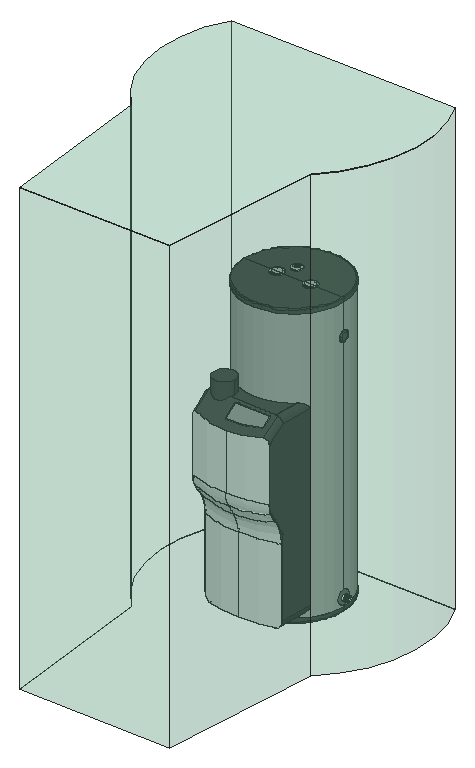
Revit family "Innovo  BENL_IR 12 200 BENL LP", category Mechanical Equipment, Revit 2015
Parameters (values of type "IR-12-200 BENL LP")
  Werkruimte Radius = Diameter + 170 mm  # 780 mm
  Werkruimte Hoogte = Hoogte + 1000 mm  # 2745 mm
  Werkruimte Afstand Voor = 1000 mm
  Werkruimte [instance] = yes
  Voorzorgsmaatregelen tijdens montage, installatie of onderhoud = "zie Gebruikers, Installatie, Service en Onderhouds handleiding"  # constant formula
  Voltage = 230 V  # constant formula
  Verpakkingslengte = 946 mm  # constant formula
  Verpakkingshoogte = 1895 mm
  Verpakkingsbreedte = 786 mm  # constant formula
  Uitsluitend werkend in daluren = no
  Uitschakeldruk LDS < = "210"
  Type aanduiding = "IR-24-285"
  Transportgewicht = 153 kg
  Totaal Gewicht = 438 kg
  Stilstandsverlies - dagelijks (24u) = 0 W
  Stilstandsverlies = 0 W
  Standaard Afgesteld op = "G20/G25"
  Stand Regelthermostaat = 65 °C  # constant formula
  Soort Verpakking = "Karton en Hout"  # constant formula
  Slimme controlefunctie = no
  Setpoint thermostaat = 65 °C  # constant formula
  Seizoens Rendement (Hs) = [Rendement (Hs, vlgs. NEN-EN 89 - 1999)]  # 97
  Rendement (Hs, vlgs. NEN-EN 89 - 1999) = 97
  Rendement (Hi, vlgs. NEN-EN 89 - 1999) = 108
  Produktspecificaties Link = ""
  Produkthandleiding Link = ""
  Produkt Model Nummer (EAN-nummer) = "8717449286194"
  Onderhoudsinterval = "12 maanden"  # constant formula
  Nominale Belasting (Onderwaarde) = "22000.0/18300.0"
  Nominale Belasting (Bovenwaarde) = "24400.0/19600.0"
  Nominaal Vermogen = "23800.0/19800.0"
  NOx-uitstoot mg/kWh = "33.0/25.0"
  NOx-uitstoot (lucht vrij, 0% O2) ppm = "21.0/15.0"
  Min. Stand Regelthermostaat = 40 °C  # constant formula
  Max. Werkdruk = 800000.0 Pa
  Max. Stand Regelthermostaat = 85 °C  # constant formula
  Max. Rookgastemperatuur = 57 °C
  Ledig Gewicht = 136 kg
  Kraan Hoogte 02 = if(and(Hoogte = 1745 mm, Diameter = 675 mm), 1518 mm, if(and(Hoogte = 1745 mm, Diameter = 610 mm), 1534 mm, if(Hoogte = 1545 mm, 1328 mm, 1070 mm)))  # 1534 mm
  Kraan Hoogte 01 = if(and(Diameter > 560 mm), 693 mm, 604 mm)  # 693 mm
  URL = "www.aosmith.be"
  Tapcapaciteit bij ΔT = 70°C  na 90 min. = 630.0 L
  Tapcapaciteit bij ΔT = 70°C  na 60 min. = 490.0 L
  Tapcapaciteit bij ΔT = 70°C  na 30 min. = 340.0 L
  Tapcapaciteit bij ΔT = 70°C  na 120 min. = 780.0 L
  Tapcapaciteit bij ΔT = 55°C  na 90 min. = 830.0 L
  Tapcapaciteit bij ΔT = 55°C  na 60 min. = 650.0 L
  Tapcapaciteit bij ΔT = 55°C  na 30 min. = 460.0 L
  Tapcapaciteit bij ΔT = 55°C  na 120 min. = 1100.0 L
  Tapcapaciteit bij ΔT = 50°C  na 90 min. = 920.0 L
  Tapcapaciteit bij ΔT = 50°C  na 60 min. = 720.0 L
  Tapcapaciteit bij ΔT = 50°C  na 30 min. = 510.0 L
  Tapcapaciteit bij ΔT = 50°C na 120 min. = 1200.0 L
  Tapcapaciteit bij ΔT = 44°C na 120 min. = 1100.0 L
  Tapcapaciteit bij ΔT = 44°C  na 90 min. = 820.0 L
  Tapcapaciteit bij ΔT = 44°C  na 60 min. = 590.0 L
  Tapcapaciteit bij ΔT = 44°C  na 30 min. = 1300.0 L
  Tapcapaciteit bij ΔT = 28°C na 90 min. = 1700.0 L
  Tapcapaciteit bij ΔT = 28°C na 60 min. = 1400.0 L
  Tapcapaciteit bij ΔT = 28°C na 30 min. = 960.0 L
  Tapcapaciteit bij ΔT = 28°C na 120 min. = 2100.0 L
  Tapcapaciteit Continu bij ΔT = 70°C = 290.0 L/s
  Tapcapaciteit Continu bij ΔT = 55°C = 370.0 L/s
  Tapcapaciteit Continu bij ΔT = 50°C = 410.0 L/s
  Tapcapaciteit Continu bij ΔT = 44°C = 460.0 L/s
  Tapcapaciteit Continu bij ΔT = 28°C = 740.0 L/s
  Opwarmtijd bij ΔT = 70°C = "49"
  Opwarmtijd bij ΔT = 55°C = "39"
  Opwarmtijd bij ΔT = 50°C = "35"
  Opwarmtijd bij ΔT = 44°C = "31"
  Opwarmtijd bij ΔT = 28°C = "20"
  Model = "IR-24-285 BENL NAT"
  Manufacturer = "A.O. Smith Water Products Company b.v."  # constant formula
  Length = 780 mm  # constant formula
  Jaarlijks elektriciteitsverbruik (2) = "-"
  Jaarlijks elektriciteitsverbruik (1) = "45 kWh"
  Jaarlijks brandstofverbruik (2) = "-"
  Jaarlijks brandstofverbruik (1) = "21 GJ GCV"
  Isolatiedikte = 44 mm
  Installatie Typen = "B23/C13/C33/C43/C53/C63"  # constant formula
  Inhoud = 285.0 L
  Hoogte Warm Water Uitlaat = 1745 mm
  Hoogte Rookgasafvoer = 1350 mm
  Hoogte Lucht Inlaat = 1350 mm
  Hoogte Koud Water Inlaat = 170 mm
  Hoogte Gas Aansluiting = 905 mm
  Hoogte = 1745 mm
  Handelsmerk = "A.O. Smith"  # constant formula
  Geluidsniveau dB (A) = "<45"  # constant formula
  Geluidsniveau binnen = "53 dB"
  Gasverbruik - Volume ltr/hr = "2.30/2.30"
  Gasverbruik - Massa kg/h = "n.v.t."
  Gascategorie = "I2E(S)B"  # constant formula
  Gas Voordruk = "2000/2500 Pa"
  Gas Aansluiting = 15"  # constant formula
  Garrantie op Tank = "36 maanden"  # constant formula
  Garrantie op Onderdelen = "12 maanden"  # constant formula
  Frequentie = 50 Hz  # constant formula
  Fase = 1
  Fabrikantnummer = "E 7110"  # constant formula
  Energie-efficiëntieklasse voor waterverwarming (2) = "-"
  Energie-efficiëntieklasse voor waterverwarming (1) = "A"  # constant formula
  Energie-efficiëntie voor waterverwarming (2) = "-"
  Energie-efficiëntie voor waterverwarming (1) = "91%"
  Elektrisch Vermogen (piek) = 105 W
  Elektrisch Vermogen (nominaal) = 51 W
  Diameter Schoorsteen - parallel systeem = "2x80"  # constant formula
  Diameter Schoorsteen - concentrisch systeem = "80/125 mm/mm"  # constant formula
  Diameter Schoorsteen - boiler = "80/125 mm/mm"  # constant formula
  Diameter = 610 mm
  Description = "Condenserende Hoog Rendementsboiler"  # constant formula
  Created By = "http://www.cadcompany.nl/"
  Capaciteitsprofiel = "XXL"
  CO2-uitstoot (tol. +/- 1.0) vol% = "9.3/7.5"
  CE-PIN = "0063CQ3037"  # constant formula
  Breedte = Diameter  # 610 mm
  Bestemming / Land = "BelgIë"  # constant formula
  BIM Content Developer = "CAD & Company"  # constant formula
  Assembly Code = "D3010"
  Ander capaciteitsprofiel = "-"
  Aansluiting Warm Water = 1"
  Aansluiting T&P = 1"
  Aansluiting Koud Water = 3/4"  # constant formula
  Aansluiting Condensafvoer = 40 mm  # constant formula
  Aansluiting Aftapkraan = 3/4"  # constant formula
  2e Onderhoud (algeheel onderhoud) = "12 maanden na installatie"  # constant formula
  1e Onderhoud (check-up) = "3 maanden na installatie"  # constant formula
Reference planes
  plane 1 "Center (Front/Back)": y = 0
  plane 2: z = 0
  plane 3 "Center (Left/Right)": x = 0
  plane 4 "Pipe": through (-383.901, 912.349, 194.799) normal (-0.0879, -0.0879, 0.9923)
  plane 5 "footing": y = 118.925
  plane 6 "footing front": y = -237.85
  plane 7: x = -305
  plane 8: x = 305
  plane 9: z = 1745
Forms (mm)
  Revolve 1, solid, material "RAL 9005", detail levels medium+fine
    sketch origin (0, -237.85, 0) x (-1, 0, 0) y (0, 0, 1)
      loop
        line (0, 28.9) -> (-15, 28.9) -> (-15, 26.4) -> (-8.671, 26.4) -> (-8.671, 18) -> (-5.686, 18) -> (-6.626, 17.06) -> (-6.626, 12.06) -> (-8.671, 12.06) -> (-8.671, 10) -> (-10.031, 10) -> (-23.271, 5.181)
        arc (-23.271, 5.181) -> (-23.763, 4.836) -> (-24.017, 4.293) r 1.159
        line (-24.017, 4.293) -> (-24.017, 1.03)
        arc (-24.017, 1.03) -> (-23.715, 0.302) -> (-22.986, 0) r 1.03
        line (-22.986, 0) -> (0, 0) -> (0, 28.9)
      axis (0, 28.9) -> (0, 0)
    angle from 0 to 360
  Revolve 2, solid, material "RAL 9005", detail levels medium+fine
    sketch origin (0, 118.925, 0) x (-1, 0, 0) y (0, 0, 1)
      loop
        line (-205.984, 28.9) -> (-220.984, 28.9) -> (-220.984, 26.4) -> (-214.655, 26.4) -> (-214.655, 18) -> (-211.67, 18) -> (-212.61, 17.06) -> (-212.61, 12.06) -> (-214.655, 12.06) -> (-214.655, 10) -> (-216.015, 10) -> (-229.256, 5.181)
        arc (-229.256, 5.181) -> (-229.747, 4.836) -> (-230.001, 4.293) r 1.159
        line (-230.001, 4.293) -> (-230.001, 1.03)
        arc (-230.001, 1.03) -> (-229.699, 0.302) -> (-228.971, 0) r 1.03
        line (-228.971, 0) -> (-205.984, 0) -> (-205.984, 28.9)
      axis (-205.984, 28.9) -> (-205.984, 0)
    angle from 0 to 360
  Revolve 3, solid, material "RAL 9005", detail levels medium+fine
    sketch origin (0, 118.925, 0) x (-1, 0, 0) y (0, 0, 1)
      loop
        line (204.016, 28.9) -> (189.016, 28.9) -> (189.016, 26.4) -> (195.345, 26.4) -> (195.345, 18) -> (198.33, 18) -> (197.39, 17.06) -> (197.39, 12.06) -> (195.345, 12.06) -> (195.345, 10) -> (193.985, 10) -> (180.744, 5.181)
        arc (180.744, 5.181) -> (180.253, 4.836) -> (179.999, 4.293) r 1.159
        line (179.999, 4.293) -> (179.999, 1.03)
        arc (179.999, 1.03) -> (180.301, 0.302) -> (181.029, 0) r 1.03
        line (181.029, 0) -> (204.016, 0) -> (204.016, 28.9)
      axis (204.016, 28.9) -> (204.016, 0)
    angle from 0 to 360
Lines and regions (mm)
  symbolic lines
    curve 1: line (0, 280.06, 0) -> (0, -280.06, 0)
    curve 2: line (-280.06, 0, 0) -> (280.06, 0, 0)
  symbolic lines, style "Workspace"
    curve 3: line (681.142, 380.06, 0) -> (-681.142, 380.06, 0)
    curve 4: arc (-681.142, 380.06, 0) -> (-777.325, -64.546, 0) -> (-609.127, -487.2, 0) r 780
    curve 5: line (-609.127, -487.2, 0) -> (-421.783, -1517.825, 0)
    curve 6: line (-421.783, -1517.825, 0) -> (424.03, -1517.825, 0)
    curve 7: line (424.03, -1517.825, 0) -> (611.027, -484.816, 0)
    curve 8: arc (611.027, -484.816, 0) -> (777.449, -63.027, 0) -> (681.142, 380.06, 0) r 780
Dimensions and locks
  plane 5 "footing" to plane 1 "Center (Front/Back)" = 118.925 mm
  plane 1 "Center (Front/Back)" to plane 6 "footing front" = 237.85 mm
  "Diameter": plane 7 to plane 8
  equal spacing: plane 7, plane 3 "Center (Left/Right)", plane 8
  "Hoogte": plane 9 to plane 2
  "Werkruimte Afstand Voor": curve 6 to nested 3
  "Werkruimte Radius": radius of curve 4
  "Werkruimte Radius": radius of curve 8
  aligned and locked: level to plane 2
  aligned and locked: nested 3 to Revolve 1 sketch curve
  aligned and locked: plane 3 "Center (Left/Right)" to Revolve 1 sketch curve
  aligned and locked: nested 3 to plane 1 "Center (Front/Back)"
  aligned and locked: plane 3 "Center (Left/Right)" to nested 3
  aligned and locked: nested 1 to plane 8
  aligned and locked: nested 5 to plane 8
  aligned and locked: nested 2 to plane 7
  aligned and locked: nested 4 to plane 7
  aligned and locked: nested 7 to plane 7
  aligned and locked: nested 8 to plane 3 "Center (Left/Right)"
  aligned and locked: nested 8 to nested 3
  aligned and locked: curve 3 to nested 8
Automatic sketch dimensions
  Revolve 1 sketch curve to level = 0 mm
  plane 3 "Center (Left/Right)" to Revolve 1 sketch curve = 5.686 mm
  Revolve 1 sketch curve to Revolve 1 sketch curve = 0.94 mm  (x2)
  Revolve 1 sketch curve to Revolve 1 sketch curve = 2.046 mm  (x2)
  Revolve 1 sketch curve to Revolve 1 sketch curve = 1.359 mm
  Revolve 1 sketch curve to Revolve 1 sketch curve = 6.329 mm
  level to Revolve 1 sketch curve = 4.091 mm
  Revolve 1 sketch curve to Revolve 1 sketch curve = 12.844 mm
  level to Revolve 1 sketch curve = 1.03 mm
  Revolve 1 sketch curve to Revolve 1 sketch curve = 0.111 mm
  level to Revolve 1 sketch curve = 5.181 mm
  Revolve 1 sketch curve to Revolve 1 sketch curve = 0.745 mm
  level to Revolve 1 sketch curve = 10 mm
  Revolve 1 sketch curve to Revolve 1 sketch curve = 2.06 mm
  Revolve 1 sketch curve to Revolve 1 sketch curve = 5 mm
  Revolve 1 sketch curve to Revolve 1 sketch curve = 8.4 mm
  Revolve 1 sketch curve to Revolve 1 sketch curve = 2.5 mm
  Revolve 1 sketch curve to level = 19.635 mm
  Revolve 1 sketch curve to Revolve 1 sketch curve = 46.465 mm
  Revolve 2 sketch curve to level = 0 mm
  level to Revolve 2 sketch curve = 1.03 mm
  Revolve 2 sketch curve to plane 8 = 74.999 mm
  level to Revolve 2 sketch curve = 5.181 mm
  Revolve 2 sketch curve to Revolve 2 sketch curve = 0.745 mm
  Revolve 2 sketch curve to Revolve 2 sketch curve = 0.397 mm
  Revolve 2 sketch curve to Revolve 2 sketch curve = 8.271 mm
  Revolve 2 sketch curve to Revolve 2 sketch curve = 13.241 mm
  Revolve 2 sketch curve to Revolve 2 sketch curve = 1.359 mm
  Revolve 2 sketch curve to Revolve 2 sketch curve = 6.329 mm
  Revolve 2 sketch curve to Revolve 2 sketch curve = 2.046 mm
  level to Revolve 2 sketch curve = 18 mm
  Revolve 2 sketch curve to Revolve 2 sketch curve = 0.94 mm  (x2)
  Revolve 2 sketch curve to Revolve 2 sketch curve = 8.671 mm
  Revolve 2 sketch curve to Revolve 2 sketch curve = 1.089 mm
  Revolve 2 sketch curve to Revolve 2 sketch curve = 8 mm
  Revolve 2 sketch curve to Revolve 2 sketch curve = 2.06 mm
  Revolve 2 sketch curve to Revolve 2 sketch curve = 8.4 mm
  Revolve 2 sketch curve to Revolve 2 sketch curve = 2.5 mm
  Revolve 2 sketch curve to Revolve 2 sketch curve = 0 mm
  Revolve 2 sketch curve to level = 19.635 mm
  Revolve 2 sketch curve to Revolve 2 sketch curve = 46.465 mm
  Revolve 3 sketch curve to level = 0 mm
  level to Revolve 3 sketch curve = 1.03 mm
  Revolve 3 sketch curve to plane 7 = 125.001 mm
  level to Revolve 3 sketch curve = 5.181 mm
  Revolve 3 sketch curve to Revolve 3 sketch curve = 0.745 mm
  Revolve 3 sketch curve to Revolve 3 sketch curve = 0.397 mm
  Revolve 3 sketch curve to Revolve 3 sketch curve = 8.271 mm
  Revolve 3 sketch curve to Revolve 3 sketch curve = 13.241 mm
  Revolve 3 sketch curve to Revolve 3 sketch curve = 1.359 mm
  Revolve 3 sketch curve to Revolve 3 sketch curve = 6.329 mm
  Revolve 3 sketch curve to Revolve 3 sketch curve = 2.046 mm
  level to Revolve 3 sketch curve = 18 mm
  Revolve 3 sketch curve to Revolve 3 sketch curve = 0.94 mm  (x2)
  Revolve 3 sketch curve to Revolve 3 sketch curve = 8.671 mm
  Revolve 3 sketch curve to Revolve 3 sketch curve = 1.089 mm
  Revolve 3 sketch curve to Revolve 3 sketch curve = 8 mm
  Revolve 3 sketch curve to Revolve 3 sketch curve = 2.06 mm
  Revolve 3 sketch curve to Revolve 3 sketch curve = 8.4 mm
  Revolve 3 sketch curve to Revolve 3 sketch curve = 2.5 mm
  Revolve 3 sketch curve to Revolve 3 sketch curve = 0 mm
  Revolve 3 sketch curve to level = 19.635 mm
  Revolve 3 sketch curve to Revolve 3 sketch curve = 46.465 mm
  curve 4 to curve 8 = 0 mm  (x2)
  plane 1 "Center (Front/Back)" to curve 2 = 0 mm
  curve 1 to plane 3 "Center (Left/Right)" = 0 mm
  plane 1 "Center (Front/Back)" to curve 4 = 0 mm
  curve 4 to plane 3 "Center (Left/Right)" = 0 mm
  curve 5 to plane 6 "footing front" = 249.35 mm
  plane 7 to curve 5 = 116.783 mm
  plane 8 to curve 7 = 119.03 mm
  curve 7 to plane 6 "footing front" = 246.966 mm
  curve 2 to plane 7 = 24.94 mm
  curve 2 to plane 8 = 24.94 mm
  curve 1 to plane 6 "footing front" = 42.21 mm
  plane 5 "footing" to curve 1 = 161.135 mm
Nested families
  nested 1: "Valve" at (305, -0.38, 1534) x (0, 1, 0) z (0, 0, 1), built-in parameter 1001364 <- "Kraan Hoogte 02", type "Valve"
  nested 2: "Drain Valve" at (-305, 0, 1534), built-in parameter 1001364 <- "Kraan Hoogte 02", type "Drain Valve"
  nested 3: "Housing Mother Housing S 57 (external)" at (0, -299.886, 0), type "Housing Mother_Housing S_57"
    with radius 305 mm, distance to boiler center 154 mm, diameter 610 mm
  nested 4: "Drain Valve" at (-305, 0, 177), type "Drain Valve"
  nested 5: "Drain Valve" at (305, 0, 107) x (-1, 0, 0) z (0, 0, 1), type "Drain Valve"
  nested 6: "Boiler" at (0, 0, 0), height <- "Hoogte", type "Boiler"
    with height 1745 mm, radius 305 mm, Diameter 610 mm
  nested 7: "Drain Valve" at (-305, 0, 693), built-in parameter 1001364 <- "Kraan Hoogte 01", type "Drain Valve"
  nested 8: "Innovo_workspace" at (0, 0, 0), Workspace <- "Werkruimte", Workspace Distance Front <- "Werkruimte Afstand Voor", Workspace Height <- "Werkruimte Hoogte", Workspace Radius <- "Werkruimte Radius", type "Workspace"
    with Workspace Radius 780 mm, Workspace Height 2745 mm, Workspace Distance Front 1000 mm, Workspace yes, Center to Front 517.825 mm
Connectors
  piping at (339.826, 0, 107), diameter 19.05, driven by "Aansluiting Aftapkraan"
    settings: on nested 5, index 1, connector inside diameter 24", connector length 0 mm, flow factor 0, pipe flow 0.0 L/s, pressure drop 0.0 Pa, fitting loss kfactor 0, connector angle 0.00°, fixture units 0, engagement length 0 mm, angle of deflection 0.00°, flow configuration 0, flow direction 0, fitting loss method 0, system type 19, joint type 0, gender type 0, connector reference index -1, connector utility 0, adjustable connector no, is connector primary yes, connector description ""
  hvac at (-147.013, -346.326, 1310.674)
    settings: on nested 3, index 2, duct flow 0.0 L/s, flow factor 0, pres drop 0.0 Pa, loss coef 0, conn angle 0.00°, conn width 304.8 mm, conn height 304.8 mm, conn diameter 125 mm, duct sys type 4, conn prof type 0, flow config 0, flow direction 0, loss method 0, conn ref index -1, conn util no, is conn primary yes, conn desc ""
Definition of nested family "Valve"
  Parameters (values of type "Valve")
    Type Comments = "T&P valve (internal)"
    Manufacturer = "A.O. Smith"
  Reference planes
    plane 1 "Center (Front/Back)": y = 0
    plane 2: z = 0
    plane 3 "Center (Left/Right)": x = 0
  Forms (mm)
    Extrusion 1, solid, detail levels fine
      sketch origin (0, 0, 0) x (1, 0, 0) y (0, 0, 1)
        loop
          circle (0, 0) r 31.5
      from -2.271 to 1.4
    Sweep 2, solid, detail levels fine
      path origin (0, -1.4, 0) x (1, 0, 0) y (0, 0, 1)
        loop
          circle (0, 0) r 31.5
      profile origin (0, -1.4, 31.5) x (0, 0, -1) y (0, -1, 0)
        loop
          line (7.3, 0) -> (7.3, 3) -> (0, 0) -> (7.3, 0)
  Dimensions and locks
    aligned and locked: level to plane 2
Definition of nested family "Drain Valve"
  Reference planes
    plane 1 "Center (Front/Back)": y = 0
    plane 2: z = 0
    plane 3 "Center (Left/Right)": x = 0
  Forms (mm)
    Revolve 1, solid, detail levels medium+fine
      sketch origin (0, 0, 0) x (1, 0, 0) y (0, 0, 1)
        loop
          line (-33.442, 15.696) -> (-34.826, 14.329) -> (-34.93, 12.731) -> (-16.555, 12.731) -> (-16.555, 0) -> (15.787, 0) -> (15.787, 18.3) -> (-14.4, 18.3) -> (-17.148, 15.533) -> (-18.729, 16.697) -> (-20.091, 15.333) -> (-21.672, 16.496) -> (-23.034, 15.133) -> (-24.614, 16.296) -> (-25.976, 14.932) -> (-27.557, 16.096) -> (-28.919, 14.732) -> (-30.5, 15.896) -> (-31.862, 14.532) -> (-33.442, 15.696)
        axis (-34.93, 0) -> (15.787, 0)
      angle from 0 to 360
  Dimensions and locks
    aligned and locked: level to plane 2
  Nested families
    nested 1: "Rubber sealing" at (2.592, -0.155, 0) x (0.0023, -1, 0) z (0, 0, 1), type "Rubber sealing", detail levels fine
  Definition of nested family "Rubber sealing"
    Reference planes
      plane 1 "Center (Front/Back)": y = 0
      plane 2: z = 0
      plane 3 "Center (Left/Right)": x = 0
    Forms (mm)
      Extrusion 1, solid, detail levels fine
        sketch origin (141.861, 319.581, 0) x (1, 0, 0) y (0, 1, 0)
          loop
            line (-216.354, -311.898) -> (-216.354, -313.94)
            arc (-216.354, -313.94) -> (-141.602, -321.581) -> (-66.861, -313.835) r 366.966
            line (-66.861, -313.835) -> (-66.861, -311.791)
            arc (-66.861, -311.791) -> (-141.602, -319.581) -> (-216.354, -311.898) r 364.966
        from -80 to 80
      Extrusion 2, void
        sketch origin (141.861, 319.581, 0) x (1, 0, 0) y (0, 0, 1)
          loop
            circle (-141.861, 0) r 13
          loop
            circle (-141.861, 0) r 110
          loop
            circle (-141.861, 0) r 40
        from 311.563 to 332.684
      Extrusion 3, void
        sketch origin (141.861, 319.581, 0) x (1, 0, 0) y (0, 0, 1)
          loop
            circle (-141.861, 0) r 18.25
        from 315.524 to 326.084
    Cuts and joins
      Extrusion 2, Extrusion 3 cuts Extrusion 1
    Dimensions and locks
      aligned and locked: level to plane 2
Definition of nested family "Housing Mother Housing S 57 (external)"
  Parameters (values of type "Housing Mother_Housing S_57")
    radius [instance] = 280 mm
    distance to boiler center = if(diameter = 675 mm, 189 mm, if(diameter = 610 mm, 154 mm, 129 mm))  # 129 mm
    diameter = 560 mm
  Reference planes
    plane 1 "Center (Front/Back)": y = 0
    plane 2: z = 0
    plane 3 "Center (Left/Right)": x = 0
    plane 4 "left": through (-245.286, 145.886, 1200) normal (0.9994, 0.0349, 0)
    plane 5: y = -217.939
    plane 6: y = 145.886
    plane 7: z = 1232.6
    plane 8: z = 65.89
    plane 9 "right": through (245.286, 145.886, 1200) normal (0.9994, -0.0349, 0)
    plane 10 "display": through (0, -90.37, 1221.196) normal (0, -0.5736, 0.8192)
    plane 11 "Potentiostat": z = 867.899
    plane 12 "boiler center": y = 274.886
    plane 13: x = -280
    plane 14: x = 280
  Forms (mm)
    Extrusion 1, solid
      sketch origin (0, 0, 0) x (1, 0, 0) y (0, 1, 0)
        loop
          line (-245.286, 145.886) -> (-232.581, -217.939) -> (232.581, -217.939) -> (245.286, 145.886)
          arc (245.286, 145.886) -> (0, 0.923) -> (-245.286, 145.886) r 280
      from 0 to 1232.6
    Sweep 2, void
      path origin (0, 0, 0) x (0, 1, 0) y (0, 0, 1)
        loop
          line (-217.939, 1232.6) -> (-217.939, 795.555)
          arc (-217.939, 795.555) -> (-212.387, 754.285) -> (-197.694, 715.322) r 183.924
          arc (-197.694, 715.322) -> (-179.915, 684.628) -> (-159.106, 655.901) r 348.284
          arc (-159.106, 655.901) -> (-131.411, 600.328) -> (-121.88, 538.973) r 202.254
          line (-121.88, 538.973) -> (-121.88, 61.106)
      profile origin (0, -217.939, 1014.077) x (1, 0, 0) y (0, 1, 0)
        loop
          arc (0, 0) -> (-117.533, 9.941) -> (-231.728, 39.475) r 699.984
          arc (-231.728, 39.475) -> (-233.391, 40.705) -> (-234.07, 42.659) r 3.505
          line (-234.07, 42.659) -> (-254.062, 42.659) -> (-254.062, -142.593) -> (254.07, -142.593) -> (254.07, 42.659) -> (234.07, 42.659)
          arc (234.07, 42.659) -> (233.391, 40.705) -> (231.728, 39.475) r 3.505
          arc (231.728, 39.475) -> (117.533, 9.941) -> (0, 0) r 699.984
    Extrusion 3, void
      sketch origin (0, 0, 0) x (0, 1, 0) y (0, 0, 1)
        loop
          arc (102.864, 70.869) -> (99.804, 70.709) -> (96.874, 69.813) r 12.57
          arc (96.874, 69.813) -> (87.878, 66.533) -> (78.516, 64.529) r 69.114
          arc (78.516, 64.529) -> (76.41, 64.284) -> (74.294, 64.148) r 41.206
          arc (74.294, 64.148) -> (65.203, 64.335) -> (56.122, 64.782) r 318.661
          arc (56.122, 64.782) -> (30.585, 66.179) -> (5.028, 67.128) r 1456.581
          line (5.028, 67.128) -> (-84.534, 73.135)
          arc (-84.534, 73.135) -> (-86.363, 73.808) -> (-87.536, 75.365) r 3.455
          line (-87.536, 75.365) -> (-264.473, 75.365) -> (-264.473, 0) -> (160.886, 0) -> (160.886, 103.945) -> (145.886, 103.945)
          arc (145.886, 103.945) -> (145.104, 97.827) -> (142.923, 92.059) r 26.364
          arc (142.923, 92.059) -> (141.067, 88.936) -> (138.867, 86.045) r 31.715
          arc (138.867, 86.045) -> (135.576, 82.49) -> (132.021, 79.2) r 62.615
          arc (132.021, 79.2) -> (125.841, 74.697) -> (119.091, 71.103) r 54.444
          arc (119.091, 71.103) -> (116.371, 70.272) -> (113.531, 70.123) r 11.669
          line (113.531, 70.123) -> (102.864, 70.869)
      from -254.062 to 254.07
    Sweep 4, void
      path origin (0, 0, 0) x (1, 0, 0) y (0, 1, 0)
        loop
          line (-245.286, 145.886) -> (-232.581, -217.939)
      profile origin (-238.933, -36.027, 0) x (0.999391, 0.034899, 0) y (0, 0, 1)
        loop
          line (-4.454, 0) -> (47.084, 0) -> (47.084, 73.431)
          arc (47.084, 73.431) -> (14.222, 85.134) -> (0.255, 117.1) r 43.922
          line (0.255, 117.1) -> (-4.454, 117.1) -> (-4.454, 0)
    Sweep 5, void
      path origin (0, 0, 0) x (-1, 0, 0) y (0, 1, 0)
        loop
          line (-245.286, 145.886) -> (-232.581, -217.939)
      profile origin (238.933, -36.027, 0) x (0.999391, -0.034899, 0) y (0, 0, 1)
        loop
          line (4.454, 0) -> (4.454, 117.1) -> (-0.255, 117.1)
          arc (-0.255, 117.1) -> (-14.222, 85.134) -> (-47.084, 73.431) r 43.922
          line (-47.084, 73.431) -> (-47.084, 0) -> (4.454, 0)
    Sweep 6, void
      path origin (-239.899, -8.377, 0) x (-0.034899, 0.999391, 0) y (0, 0, 1)
        loop
          line (-209.69, 1141.272) -> (-79.18, 1232.6) -> (154.358, 1232.6)
      profile origin (-241.211, 29.188, 1232.6) x (0, 0, 1) y (0.999391, 0.034899, 0)
        loop
          line (-45, -30) -> (75, -30) -> (75, 0) -> (75, 55) -> (2.799, 55) -> (-1.253, 35.128)
          arc (-1.253, 35.128) -> (-16.771, 9.564) -> (-45, -0.308) r 44.287
          line (-45, -0.308) -> (-45, -30)
    Sweep 7, void
      path origin (239.899, -8.377, 0) x (0.034899, 0.999391, 0) y (0, 0, 1)
        loop
          line (-209.69, 1141.272) -> (-79.18, 1232.6) -> (154.358, 1232.6)
      profile origin (241.211, 29.188, 1232.6) x (0, 0, -1) y (-0.999391, 0.034899, 0)
        loop
          line (-75, -25) -> (45, -25) -> (45, -0.308)
          arc (45, -0.308) -> (16.771, 9.564) -> (1.253, 35.128) r 44.287
          line (1.253, 35.128) -> (-2.799, 55) -> (-75, 55) -> (-75, -25)
    Extrusion 8, void
      sketch origin (0, 0, 0) x (0, 1, 0) y (0, 0, 1)
        loop
          line (-270, 1336.099) -> (-270, 1099.081) -> (68.497, 1336.099) -> (-270, 1336.099)
      from -425.038 to 444.42
    Extrusion 9, solid, detail levels medium+fine
      sketch origin (0, 0, 0) x (1, 0, 0) y (0, 1, 0)
        loop
          circle (-147.013, -46.44) r 65
      from 1163.174 to 1310.674
    Extrusion 10, void
      sketch origin (0, -603.506, 861.895) x (0, 0.819152, 0.573576) y (-1, 0, 0)
        loop
          arc (618.322, -173) -> (623.272, -170.95) -> (625.322, -166) r 7
          line (625.322, -166) -> (625.322, 35)
          arc (625.322, 35) -> (623.272, 39.95) -> (618.322, 42) r 7
          line (618.322, 42) -> (535.473, 42)
          arc (535.473, 42) -> (530.688, 40.11) -> (528.488, 35.46) r 7
          arc (528.488, 35.46) -> (531.569, -67.592) -> (554.18, -168.18) r 540
          arc (554.18, -168.18) -> (556.724, -171.668) -> (560.831, -173) r 7
          line (560.831, -173) -> (618.322, -173)
      from 0 to 137.286
    Sweep 11, solid, detail levels fine
      path origin (0, 0, 867.899) x (-1, 0, 0) y (0, -1, 0)
        loop
          line (309.749, -35.617) -> (204.371, -35.617)
          arc (204.371, -35.617) -> (196.509, -34.687) -> (189.082, -31.947) r 33.677
          line (189.082, -31.947) -> (-9.574, 69.274)
      profile origin (-257.06, 35.617, 867.899) x (0, 1, 0) y (0, 0, 1)
        loop
          circle (0, 0) r 7.316
        loop
          circle (0, 0) r 6.465
    Revolve 12, void
      sketch origin (0, 274.886, 0) x (-1, 0, 0) y (0, 0, 1)
        loop
          line (280, 1243.838) -> (0, 1243.838) -> (0, 54.9) -> (280, 54.9) -> (280, 1243.838)
        axis (0, 1243.838) -> (0, 54.9)
      angle from 0 to 360
  Cuts and joins
    Sweep 2, Extrusion 3, Sweep 4, Sweep 5, Sweep 6, Sweep 7, Extrusion 8, Extrusion 10, Revolve 12 cuts Extrusion 1
  Dimensions and locks
    plane 8 to plane 2 = 65.89 mm
    plane 7 to plane 8 = 1166.71 mm
    "distance to boiler center": plane 12 "boiler center" to plane 6
    "diameter": plane 14 to plane 13
    equal spacing: plane 14, plane 3 "Center (Left/Right)", plane 13
    "radius": plane 3 "Center (Left/Right)" to plane 13
    aligned and locked: level to plane 2
    aligned and locked: Extrusion 1 to plane 7
    aligned and locked: Extrusion 1 sketch curve to plane 5
    aligned and locked: Sweep 2 to Extrusion 3
    aligned and locked: Extrusion 3 to Sweep 2  (x2)
    aligned and locked: plane 7 to Sweep 2 sketch curve
    aligned and locked: plane 3 "Center (Left/Right)" to Revolve 12 sketch curve
    aligned and locked: Revolve 12 sketch curve to plane 3 "Center (Left/Right)"
    aligned and locked: plane 13 to Revolve 12 sketch curve
  Automatic sketch dimensions
    Extrusion 1 sketch curve to plane 4 "left" = 0 mm  (x2)
    Extrusion 1 sketch curve to plane 6 = 0 mm  (x2)
    Extrusion 1 sketch curve to plane 3 "Center (Left/Right)" = 0 mm
    Extrusion 1 sketch curve to plane 9 "right" = 0 mm
    plane 6 to Extrusion 1 sketch curve = 135.037 mm
    Sweep 2 sketch curve to plane 5 = 0 mm
    plane 5 to Sweep 2 sketch curve = 106.195 mm
    Sweep 2 sketch curve to plane 5 = 96.059 mm
    plane 1 "Center (Front/Back)" to Sweep 2 sketch curve = 34.053 mm
    plane 11 "Potentiostat" to Sweep 2 sketch curve = 6.417 mm
    Sweep 2 sketch curve to plane 6 = 33.705 mm
    Sweep 2 sketch curve to plane 11 "Potentiostat" = 68.615 mm
    Sweep 2 sketch curve to plane 11 "Potentiostat" = 72.345 mm
    Sweep 2 sketch curve to Sweep 2 sketch curve = 176.349 mm
    Sweep 2 sketch curve to Sweep 2 sketch curve = 0 mm  (x2)
    plane 8 to Sweep 2 sketch curve = 4.784 mm
    Extrusion 3 sketch curve to level = 0 mm
    Extrusion 3 sketch curve to plane 6 = 0 mm
    Extrusion 3 sketch curve to plane 6 = 26.363 mm
    Extrusion 3 sketch curve to Extrusion 3 sketch curve = 4.75 mm
    Extrusion 3 sketch curve to Extrusion 3 sketch curve = 5.179 mm
    Extrusion 3 sketch curve to plane 8 = 4.232 mm
    Extrusion 3 sketch curve to Extrusion 3 sketch curve = 0.814 mm
    Extrusion 3 sketch curve to plane 8 = 4.978 mm
    Extrusion 3 sketch curve to Extrusion 3 sketch curve = 10.667 mm
    Extrusion 3 sketch curve to Extrusion 3 sketch curve = 0.877 mm
    Extrusion 3 sketch curve to Extrusion 3 sketch curve = 17.827 mm
    Extrusion 3 sketch curve to Extrusion 3 sketch curve = 5.646 mm
    Extrusion 3 sketch curve to plane 6 = 69.562 mm
    Extrusion 3 sketch curve to Extrusion 3 sketch curve = 18.6 mm
    Extrusion 3 sketch curve to Extrusion 3 sketch curve = 22.538 mm
    Extrusion 3 sketch curve to plane 8 = 1.238 mm
    Extrusion 3 sketch curve to plane 1 "Center (Front/Back)" = 5.028 mm
    plane 1 "Center (Front/Back)" to Extrusion 3 sketch curve = 36.224 mm
    Extrusion 3 sketch curve to plane 8 = 10.692 mm
    plane 1 "Center (Front/Back)" to Extrusion 3 sketch curve = 84.302 mm
    Extrusion 3 sketch curve to plane 8 = 7.244 mm
    Extrusion 3 sketch curve to Extrusion 3 sketch curve = 0.231 mm
    Extrusion 3 sketch curve to Extrusion 3 sketch curve = 3.234 mm
    plane 5 to Extrusion 3 sketch curve = 46.534 mm
    plane 6 to Extrusion 3 sketch curve = 15 mm
    Extrusion 3 sketch curve to level = 1388.869 mm
    plane 8 to Extrusion 3 sketch curve = 7.561 mm
    Extrusion 3 sketch curve to Extrusion 3 sketch curve = 11.64 mm
    Extrusion 3 sketch curve to plane 8 = 38.054 mm
    Extrusion 3 sketch curve to Extrusion 3 sketch curve = 22.442 mm
    Extrusion 3 sketch curve to plane 8 = 39.432 mm
    Extrusion 3 sketch curve to Extrusion 3 sketch curve = 2.466 mm
    Extrusion 3 sketch curve to Extrusion 3 sketch curve = 14.17 mm
    Extrusion 3 sketch curve to Extrusion 3 sketch curve = 5.925 mm
    Extrusion 3 sketch curve to Extrusion 3 sketch curve = 6.186 mm
    Extrusion 3 sketch curve to Extrusion 3 sketch curve = 249.85 mm
    Extrusion 3 sketch curve to Extrusion 3 sketch curve = 0 mm  (x4)
    Extrusion 3 sketch curve to Extrusion 3 sketch curve = 6.845 mm
    plane 8 to Extrusion 3 sketch curve = 1.743 mm
    Sweep 4 sketch curve to plane 4 "left" = 0 mm  (x2)
    Sweep 4 sketch curve to plane 6 = 0 mm
    plane 5 to Sweep 4 sketch curve = 0 mm
    Sweep 4 sketch curve to level = 0 mm
    profile plane to Sweep 4 sketch curve = 4.454 mm
    Sweep 4 sketch curve to profile plane = 0.255 mm
    Sweep 4 sketch curve to Sweep 4 sketch curve = 43.922 mm
    Sweep 4 sketch curve to profile plane = 47.084 mm
    level to Sweep 4 sketch curve = 73.431 mm
    Sweep 4 sketch curve to Sweep 4 sketch curve = 43.669 mm
    Sweep 5 sketch curve to plane 6 = 0 mm
    Sweep 5 sketch curve to plane 9 "right" = 0 mm  (x2)
    plane 5 to Sweep 5 sketch curve = 0 mm
    Sweep 5 sketch curve to level = 0 mm
    profile plane to Sweep 5 sketch curve = 47.084 mm
    Sweep 5 sketch curve to Sweep 5 sketch curve = 2.907 mm
    profile plane to Sweep 5 sketch curve = 0.255 mm
    Sweep 5 sketch curve to profile plane = 4.454 mm
    level to Sweep 5 sketch curve = 73.431 mm
    Sweep 5 sketch curve to Sweep 5 sketch curve = 43.669 mm
    Sweep 6 sketch curve to plane 7 = 0 mm
    plane 7 to Sweep 6 sketch curve = 91.328 mm
    Sweep 6 sketch curve to Sweep 6 sketch curve = 130.509 mm
    Sweep 6 sketch curve to Sweep 6 sketch curve = 233.538 mm
    Sweep 6 sketch curve to plane 4 "left" = 0 mm
    profile plane to Sweep 6 sketch curve = 45 mm
    Sweep 6 sketch curve to Sweep 6 sketch curve = 0.354 mm
    profile plane to Sweep 6 sketch curve = 1.253 mm
    Sweep 6 sketch curve to profile plane = 2.799 mm
    Sweep 6 sketch curve to Sweep 6 sketch curve = 72.201 mm
    Sweep 6 sketch curve to plane 4 "left" = 0.308 mm
    Sweep 6 sketch curve to Sweep 6 sketch curve = 29.692 mm
    plane 4 "left" to Sweep 6 sketch curve = 35.128 mm
    plane 4 "left" to Sweep 6 sketch curve = 55 mm
    Sweep 7 sketch curve to plane 7 = 0 mm
    Sweep 7 sketch curve to plane 7 = 91.328 mm
    Sweep 7 sketch curve to Sweep 7 sketch curve = 130.509 mm
    Sweep 7 sketch curve to Sweep 7 sketch curve = 233.538 mm
    Sweep 7 sketch curve to plane 9 "right" = 25 mm
    profile plane to Sweep 7 sketch curve = 75 mm
    profile plane to Sweep 7 sketch curve = 2.799 mm
    Sweep 7 sketch curve to profile plane = 1.253 mm
    Sweep 7 sketch curve to Sweep 7 sketch curve = 43.393 mm
    Sweep 7 sketch curve to profile plane = 45 mm
    Sweep 7 sketch curve to plane 9 "right" = 0.308 mm
    plane 9 "right" to Sweep 7 sketch curve = 35.128 mm
    Sweep 7 sketch curve to Sweep 7 sketch curve = 19.872 mm
    plane 5 to Extrusion 8 sketch curve = 52.061 mm
    Extrusion 8 sketch curve to plane 1 "Center (Front/Back)" = 68.497 mm
    plane 7 to Extrusion 8 sketch curve = 133.519 mm
    Extrusion 8 sketch curve to plane 7 = 103.499 mm
    plane 1 "Center (Front/Back)" to Extrusion 9 sketch curve = 46.44 mm
    Extrusion 9 sketch curve to plane 3 "Center (Left/Right)" = 147.013 mm
    Extrusion 10 sketch curve to plane 3 "Center (Left/Right)" = 0 mm
    Extrusion 10 sketch curve to plane 3 "Center (Left/Right)" = 35 mm
    Extrusion 10 sketch curve to Extrusion 10 sketch curve = 25.359 mm
    Extrusion 10 sketch curve to Extrusion 10 sketch curve = 57.491 mm
    Extrusion 10 sketch curve to plane 3 "Center (Left/Right)" = 42 mm
    Extrusion 10 sketch curve to Extrusion 10 sketch curve = 82.85 mm
    Extrusion 10 sketch curve to Extrusion 10 sketch curve = 7 mm
    Extrusion 10 sketch curve to Extrusion 10 sketch curve = 442 mm
    plane 3 "Center (Left/Right)" to Extrusion 10 sketch curve = 166 mm
    Extrusion 10 sketch curve to Extrusion 10 sketch curve = 0 mm  (x2)
    Sweep 11 sketch curve to plane 1 "Center (Front/Back)" = 31.947 mm
    Sweep 11 sketch curve to plane 3 "Center (Left/Right)" = 189.082 mm
    Sweep 11 sketch curve to plane 1 "Center (Front/Back)" = 1.94 mm
    Sweep 11 sketch curve to Sweep 11 sketch curve = 15.289 mm
    plane 3 "Center (Left/Right)" to Sweep 11 sketch curve = 9.574 mm
    Sweep 11 sketch curve to Sweep 11 sketch curve = 105.378 mm
    plane 1 "Center (Front/Back)" to Sweep 11 sketch curve = 69.274 mm
    Sweep 11 sketch curve to Sweep 11 sketch curve = 0 mm  (x2)
    Sweep 11 sketch curve to plane 11 "Potentiostat" = 0 mm
    Sweep 11 sketch curve to profile plane = 0 mm
    plane 8 to Revolve 12 sketch curve = 10.99 mm
    Revolve 12 sketch curve to plane 7 = 11.238 mm
    Revolve 12 sketch curve to level = 366.045 mm
    Revolve 12 sketch curve to Revolve 12 sketch curve = 971.917 mm
    Sweep 2 sketch curve to plane 3 "Center (Left/Right)" = 0 mm
    profile plane to Sweep 2 sketch curve = 0 mm
    Sweep 2 sketch curve to plane 3 "Center (Left/Right)" = 0.016 mm
    Sweep 2 sketch curve to profile plane = 42.782 mm  (x2)
    Sweep 2 sketch curve to plane 3 "Center (Left/Right)" = 230.568 mm
    plane 3 "Center (Left/Right)" to Sweep 2 sketch curve = 0.016 mm
    plane 3 "Center (Left/Right)" to Sweep 2 sketch curve = 230.568 mm
    Sweep 2 sketch curve to Sweep 2 sketch curve = 3.502 mm  (x2)
    Sweep 2 sketch curve to Sweep 2 sketch curve = 20 mm
    profile plane to Sweep 2 sketch curve = 142.593 mm
    Sweep 2 sketch curve to Sweep 2 sketch curve = 0.122 mm  (x2)
    Sweep 2 sketch curve to Sweep 2 sketch curve = 657.203 mm
    Sweep 2 sketch curve to Sweep 2 sketch curve = 19.991 mm
    radius of Extrusion 9 sketch curve = 65 mm
    radius of Sweep 11 sketch curve = 7.316 mm
    radius of Sweep 11 sketch curve = 6.465 mm
  Nested families
    nested 1: "display" at (65.5, -130.939, 1192.79) x (-1, 0, 0) z (0, -0.5736, 0.8192), type "display"
  Definition of nested family "display"
    Parameters (values of type "display")
      Default Elevation = 1219.2 mm
    Reference planes
      plane 1 "Center (Front/Back)": y = 0
      plane 2: z = 0
      plane 3 "Center (Left/Right)": x = 0
    Forms (mm)
      Extrusion 1, solid, detail levels medium+fine
        sketch origin (-16.958, 11.842, -343.878) x (1, 0, 0) y (0, 0, -1)
          loop
            line (-233.523, -343.878) -> (-233.523, -346.592) -> (332.686, -346.592) -> (332.686, -343.878) -> (-233.523, -343.878)
        from -228.7 to 150.822
      Extrusion 2, void
        sketch origin (-16.958, 6.842, -343.878) x (1, 0, 0) y (0, 1, 0)
          loop
            line (-233.523, 155.822) -> (-233.523, -223.7) -> (332.686, -223.7) -> (332.686, 155.822) -> (-233.523, 155.822)
          loop
            arc (-90.542, -48.267) -> (-88.492, -53.216) -> (-83.542, -55.267) r 7
            line (-83.542, -55.267) -> (117.458, -55.267)
            arc (117.458, -55.267) -> (122.408, -53.216) -> (124.458, -48.267) r 7
            line (124.458, -48.267) -> (124.458, 34.583)
            arc (124.458, 34.583) -> (122.568, 39.368) -> (117.918, 41.568) r 7
            arc (117.918, 41.568) -> (14.866, 38.487) -> (-85.722, 15.876) r 540
            arc (-85.722, 15.876) -> (-89.21, 13.332) -> (-90.542, 9.224) r 7
            line (-90.542, 9.224) -> (-90.542, -48.267)
        from 328.878 to 363.083
    Cuts and joins
      Extrusion 2 cuts Extrusion 1
    Dimensions and locks
      aligned and locked: level to plane 2
Definition of nested family "Boiler"
  Parameters (values of type "Boiler")
    radius [instance] = 280 mm
    height [instance] = 1270 mm
    Diameter = 560 mm
  Reference planes
    plane 1 "Center (Front/Back)": y = 0
    plane 2: z = 0
    plane 3 "Center (Left/Right)": x = 0
    plane 4: z = 1243.838
    plane 5: z = 1270
    plane 6 "bottom": z = 28.9
    plane 7: z = 54.9
    plane 8 "top controle": y = 88
    plane 9: x = -280
    plane 10: x = 280
  Forms (mm)
    Revolve 1, solid
      sketch origin (0, 0, 0) x (1, 0, 0) y (0, 0, 1)
        loop
          line (0, 54.9) -> (-280, 54.9) -> (-280, 32.9)
          arc (-280, 32.9) -> (-278.828, 30.072) -> (-276, 28.9) r 4
          line (-276, 28.9) -> (0, 28.9) -> (0, 54.9)
        axis (0, 28.9) -> (0, 54.9)
      angle from 0 to 360
    Revolve 2, solid
      sketch origin (1.311, 0, 0) x (1, 0, 0) y (0, 0, 1)
        loop
          line (-278.86, 1243.838) -> (-278.86, 54.9) -> (-1.311, 54.9) -> (-1.311, 1243.838) -> (-278.86, 1243.838)
        axis (-1.311, 1243.838) -> (-1.311, 54.9)
      angle from 0 to 360
    Revolve 3, solid
      sketch origin (-9.205, 0, 377.212) x (-1, 0, 0) y (0, 0, 1)
        loop
          line (-148.904, 892.788) -> (-110.805, 892.788) -> (-110.805, 895.963) -> (-141.883, 895.963) -> (-148.904, 893.62) -> (-148.904, 892.788)
        axis (-110.805, 892.788) -> (-110.805, 895.963)
      angle from 0 to 360
    Revolve 4, solid
      sketch origin (0, 0, 718.065) x (1, 0, 0) y (0, 0, -1)
        loop
          line (0, -525.773) -> (-280, -525.773) -> (-280, -547.935)
          arc (-280, -547.935) -> (-278.828, -550.763) -> (-276, -551.935) r 4
          line (-276, -551.935) -> (0, -551.935) -> (0, -525.773)
        axis (0, -551.935) -> (0, -525.773)
      angle from 0 to 360
    Revolve 5, solid
      sketch origin (0, 88, 0) x (1, 0, 0) y (0, 0, 1)
        loop
          line (-19.051, 1270) -> (-19.051, 1271.074) -> (-32.63, 1275.604) -> (-32.63, 1271.117) -> (-37.266, 1271.117) -> (-38.383, 1270) -> (-19.051, 1270)
        axis (-50.8, 1270) -> (-50.8, 1275.604)
      angle from 0 to 360
    Revolve 6, solid
      sketch origin (-217.12, 0, 372.245) x (-1, 0, 0) y (0, 0, 1)
        loop
          line (-153.622, 897.755) -> (-115.52, 897.755) -> (-115.52, 900.93) -> (-146.626, 900.93) -> (-153.622, 898.596) -> (-153.622, 897.755)
        axis (-115.52, 897.755) -> (-115.52, 900.93)
      angle from 0 to 360
  Dimensions and locks
    "height": plane 5 to plane 2
    plane 6 "bottom" to plane 2 = 28.9 mm
    locked: plane 5 to plane 4 at 26.162
    locked: plane 1 "Center (Front/Back)" to plane 8 "top controle" at 88
    "Diameter": plane 10 to plane 9
    equal spacing: plane 10, plane 3 "Center (Left/Right)", plane 9
    "radius": plane 3 "Center (Left/Right)" to plane 9
    locked: plane 9 to Revolve 2 sketch curve at 2.452
    aligned and locked: level to plane 2
    aligned and locked: Revolve 2 sketch curve to plane 7
    aligned and locked: Revolve 2 sketch curve to plane 4
    aligned and locked: Revolve 1 sketch curve to plane 7
    aligned and locked: plane 6 "bottom" to Revolve 1 sketch curve
    aligned and locked: Revolve 4 sketch curve to plane 3 "Center (Left/Right)"
    aligned and locked: plane 5 to Revolve 4 sketch curve
    aligned and locked: Revolve 4 sketch curve to plane 4
    aligned and locked: plane 9 to Revolve 4 sketch curve
    aligned and locked: Revolve 1 sketch curve to plane 9
    aligned and locked: Revolve 2 sketch curve to plane 3 "Center (Left/Right)"
    aligned and locked: plane 3 "Center (Left/Right)" to Revolve 2 sketch curve
  Automatic sketch dimensions
    Revolve 1 sketch curve to plane 3 "Center (Left/Right)" = 0 mm  (x2)
    Revolve 1 sketch curve to Revolve 1 sketch curve = 4 mm
    Revolve 1 sketch curve to level = 40 mm
    Revolve 1 sketch curve to Revolve 1 sketch curve = 305.1 mm
    Revolve 2 sketch curve to level = 366.045 mm
    Revolve 2 sketch curve to plane 5 = 945.755 mm
    Revolve 3 sketch curve to plane 5 = 0 mm
    Revolve 3 sketch curve to plane 3 "Center (Left/Right)" = 139.699 mm
    plane 5 to Revolve 3 sketch curve = 3.175 mm
    Revolve 3 sketch curve to Revolve 3 sketch curve = 7.022 mm
    Revolve 3 sketch curve to Revolve 3 sketch curve = 31.078 mm
    Revolve 3 sketch curve to Revolve 3 sketch curve = 0.832 mm
    Revolve 3 sketch curve to Revolve 3 sketch curve = 0 mm
    Revolve 3 sketch curve to Revolve 3 sketch curve = 2.338 mm
    Revolve 3 sketch curve to Revolve 3 sketch curve = 4.487 mm
    Revolve 4 sketch curve to plane 3 "Center (Left/Right)" = 0 mm
    Revolve 4 sketch curve to Revolve 4 sketch curve = 4 mm
    Revolve 4 sketch curve to Revolve 4 sketch curve = 68.738 mm
    Revolve 4 sketch curve to Revolve 4 sketch curve = 305.1 mm
    Revolve 6 sketch curve to plane 5 = 0 mm
    plane 3 "Center (Left/Right)" to Revolve 6 sketch curve = 63.497 mm
    plane 5 to Revolve 6 sketch curve = 3.175 mm
    Revolve 6 sketch curve to Revolve 6 sketch curve = 6.997 mm
    Revolve 6 sketch curve to Revolve 6 sketch curve = 31.106 mm
    Revolve 6 sketch curve to Revolve 6 sketch curve = 0.84 mm
    Revolve 6 sketch curve to Revolve 6 sketch curve = 0 mm
    Revolve 6 sketch curve to Revolve 6 sketch curve = 7.216 mm
    Revolve 6 sketch curve to Revolve 6 sketch curve = 0.391 mm
    Revolve 5 sketch curve to Revolve 5 sketch curve = 13.578 mm
    Revolve 5 sketch curve to Revolve 5 sketch curve = 1.074 mm
    Revolve 5 sketch curve to Revolve 5 sketch curve = 12.417 mm
    Revolve 5 sketch curve to Revolve 5 sketch curve = 5.753 mm
    Revolve 5 sketch curve to plane 5 = 1.117 mm
    Revolve 5 sketch curve to Revolve 5 sketch curve = 1.117 mm
    plane 5 to Revolve 5 sketch curve = 4.396 mm
    Revolve 5 sketch curve to plane 5 = 0 mm
    Revolve 5 sketch curve to Revolve 5 sketch curve = 4.487 mm
    Revolve 5 sketch curve to plane 3 "Center (Left/Right)" = 38.383 mm
    Revolve 5 sketch curve to plane 5 = 5.604 mm
Definition of nested family "Innovo_workspace"
  Parameters (values of type "Workspace")
    Workspace Radius [instance] = 730 mm
    Workspace Height [instance] = 2270 mm
    Workspace Distance Front [instance] = 1000 mm
    Workspace [instance] = yes
    URL = "www.aosmith.nl"
    Model = ""
    Manufacturer = "A.O. Smith Water Products Company b.v."  # constant formula
    Description = ""
    Created By = ""
    Center to Front [instance] = 492.825 mm
    BIM Content Developer = "CAD & Company"  # constant formula
    Assembly Code = ""
  Reference planes
    plane 1 "Center (Front/Back)": y = 0
    plane 2: z = 0
    plane 3 "Center (Left/Right)": x = 0
    plane 4 "Pipe": through (-383.901, 912.349, 194.799) normal (-0.0879, -0.0879, 0.9923)
    plane 5 "front": y = -492.825
  Forms (mm)
    Extrusion 1, solid, visible <- "Workspace"
      sketch origin (0, 0, 0) x (1, 0, 0) y (0, 1, 0)
        loop
          line (456.53, -1492.825) -> (500.201, -531.695)
          arc (500.201, -531.695) -> (723.44, -97.643) -> (623.261, 380.06) r 730
          line (623.261, 380.06) -> (-623.261, 380.06)
          arc (-623.261, 380.06) -> (-723.227, -99.209) -> (-497.893, -533.856) r 730
          line (-497.893, -533.856) -> (-454.283, -1492.825) -> (456.53, -1492.825)
      from 0 to 2270 <- "Workspace Height"
  Lines and regions (mm)
    symbolic lines
      curve 1: line (0, 280.06, 0) -> (0, -280.06, 0)
      curve 2: line (-255.06, 0, 0) -> (255.06, 0, 0)
  Dimensions and locks
    locked: Extrusion 1 sketch curve to curve 1 at 100
    "Workspace Distance Front": plane 5 "front" to Extrusion 1
    "Center to Front": plane 1 "Center (Front/Back)" to plane 5 "front"
    "Workspace Radius": radius of Extrusion 1 sketch curve  (x2)
    aligned and locked: level to plane 2
  Automatic sketch dimensions
    plane 1 "Center (Front/Back)" to curve 2 = 0 mm
    curve 1 to plane 3 "Center (Left/Right)" = 0 mm
    plane 3 "Center (Left/Right)" to curve 2 = 255.06 mm
    curve 1 to plane 1 "Center (Front/Back)" = 280.06 mm
    curve 2 to plane 3 "Center (Left/Right)" = 255.06 mm
    plane 5 "front" to curve 1 = 212.765 mm
    Extrusion 1 sketch curve to Extrusion 1 sketch curve = 0 mm  (x2)
    plane 1 "Center (Front/Back)" to Extrusion 1 sketch curve = 0 mm
    Extrusion 1 sketch curve to plane 3 "Center (Left/Right)" = 0 mm
    Extrusion 1 sketch curve to plane 5 "front" = 41.031 mm
    Extrusion 1 sketch curve to plane 3 "Center (Left/Right)" = 454.283 mm
    plane 3 "Center (Left/Right)" to Extrusion 1 sketch curve = 456.53 mm
    Extrusion 1 sketch curve to plane 5 "front" = 38.869 mm
    Extrusion 1 sketch curve to Extrusion 1 sketch curve = 961.131 mm
